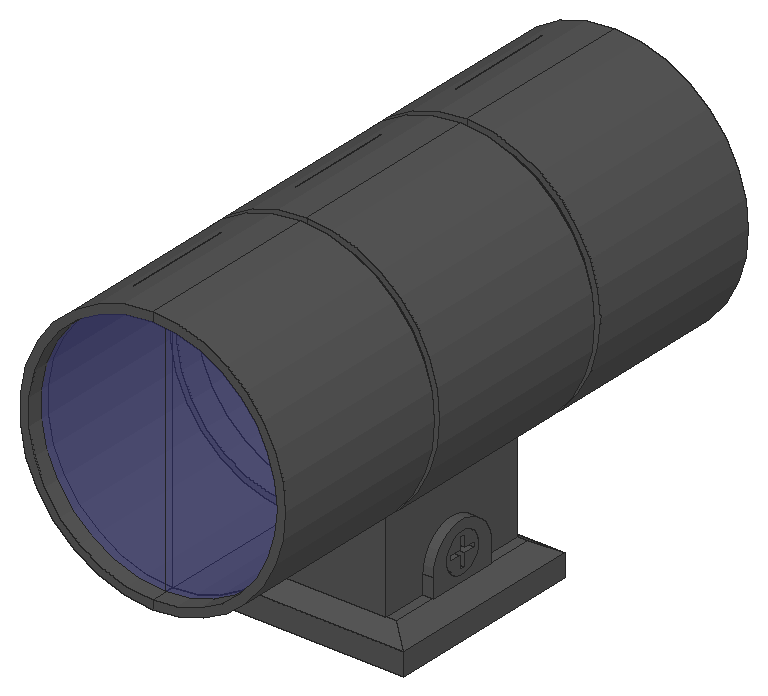
Revit family "CARLO CYLINDER LIGHT WALL MOUNT", category Lighting Fixtures, host Face, Revit 2020 (continued)
Types (10): name | Wattage_Input | Wattage Comments | Wattage | Photometric Web File | built-in parameter 1150142 | Model | built-in parameter 1150105 | Lumens | Light Length 1 | LIGHT RADIUS | LIGHT PLACEMENT | LIGHT LENGTH | LIGHT DIA | built-in parameter 1150106 | FIXED END HEIGHT | Curve base Height | Base Curve | BEAMING ANGLE | Apparent Load
    1.1 2420.2 2419.7 2419.6 2419.8 \r\n 2421.2 \r\n2410.7 2419.6 2418.9 2419 2419.5 2420 2420.2 2419.3 2418 2416.5 \r\n 2414.5 2412 2408.5 2404.1 2397.4 2387.1 2373.4 2356.2 2335.5 2311.4 \r\n 2283.5 2251.7 2216.5 2178.4 2137.2 2092.2 2045.3 1998.8 1951.7 1903.4 \r\n 1854.7 1806.7 1758 1706.8 1654.9 1604.2 1552.8 1499.3 1444.4 1388.2 \r\n 1331.2 1273.8 1216 1157.8 1099.7 1042.1 985.72 931.61 879.58 829.67 \r\n 782.37 737.9 697.18 661.34 629.91 602.72 579.87 561.91 547.33 534.81 \r\n 524.43 515.95 508.95 502.95 497.8 493.23 489.16 485.45 481.99 478.63 \r\n 475.39 472.29 469.23 466.36 463 458.09 452.8 448.65 443.46 435.98 \r\n 424.95 408.22 387.25 362.29 334.84 306.53 277.24 247.23 216.91 186.38 \r\n 156.77 129.28 103.9 80.46 60.678 46.652 37.103 32.261 29.687 26.701 \r\n 24.248 22.434 21.085 20.135 19.357 18.444 17.57 16.826 16.146 15.494 \r\n 14.872 14.272 13.693 13.123 12.581 12.093 11.623 11.134 10.652 10.2 \r\n 9.7564 9.2995 8.8499 8.4266 8.0122 7.5864 7.1754 6.8129 6.4559 6.0562 \r\n 5.6646 5.3305 5.0098 4.6622 4.3253 4.0325 3.7556 3.4718 3.198 2.946 \r\n 2.709 2.4829 2.2712 2.0755 1.8972 1.7399 1.5989 1.4673 1.3548 1.272 \r\n 1.209 1.1563 1.1229 1.1143 1.1313 1.1798 1.2502 1.3408 1.4336 1.5123 \r\n 1.5712 1.6002 1.6043 1.5845 1.5432 1.4839 1.4041 1.2996 1.1787 1.0486 \r\n 0.90848 0.75413 0.60348 0.47632 0.36284 0.25923 0.16723 0.082339 0.019463 0.00049567 \r\n 0.00015146 0.010238 0.039587 0.10576 0.19383 0.29692 0.40848 0.51176 0.63049 0.79847 \r\n 0.96872 1.0943 1.209 1.3435 1.4605 1.5217 1.56 1.6052 1.6281 1.601 \r\n 1.5485 1.4879 1.4124 1.3159 1.2257 1.1698 1.1396 1.137 1.1593 1.2072 \r\n 1.2718 1.3392 1.4251 1.5451 1.6853 1.8351 2.0001 2.182 2.3807 2.5991 \r\n 2.8309 3.0677 3.319 3.5964 3.8848 4.1644 4.4605 4.8053 5.1589 5.4759 \r\n 5.806 6.2018 6.6082 6.971 7.34 7.7582 8.1917 8.6141 9.0459 9.507 \r\n 9.9735 10.418 10.871 11.362 11.86 12.33 12.818 13.368 13.948 14.535 \r\n 15.141 15.765 16.42 17.108 17.86 18.729 19.641 20.422 21.431 22.98 \r\n 25.042 27.714 30.935 33.588 38.936 50.276 66.378 87.849 112.48 137.92 \r\n 165.17 194.88 225.65 256.46 286.74 315.57 343.07 369.6 393.49 413.17 \r\n 428.68 438.87 445.8 450.82 454.97 460.2 465.06 468.4 471.24 474.27 \r\n 477.35 480.57 483.94 487.46 491.25 495.4 500.08 505.4 511.64 519.01 \r\n 527.91 538.67 551.65 566.88 585.73 609.85 638.45 671.2 708.27 750.07 \r\n 795.45 843.45 893.95 946.62 1001.2 1057.7 1115.3 1173.5 1231.8 1289.5 \r\n 1346.8 1403.6 1459.5 1514.3 1567.7 1618.9 1669.4 1720.9 1771.8 1820.5 \r\n 1868.5 1916.6 1964.5 2011.8 2058.5 2104.9 2149.4 2190 2227.5 2262.2 \r\n 2293.6 2320.9 2344.4 2364.1 2380.2 2392.8 2402.2 2408.1 2412 2415.2 \r\n 2417.4 2418.9 2419.9 2420.9 2421.4 2421 2420.3 2419.7 2419.5 2420 \r\n 2421.2 \r\n2410.7 2420 2419.3 2419.6 2420.2 2420.7 2421 2420.3 2419.2 2417.9 \r\n 2416.2 2413.7 2410.4 2406.3 2400.1 2390.3 2377.3 2360.9 2340.9 2317.2 \r\n 2289.8 2258.2 2223.2 2185.5 2144.8 2100.2 2053.6 2007 1959.7 1911.4 \r\n 1862.8 1814.9 1766.2 1715.1 1663.4 1612.9 1561.8 1508.3 1453.5 1397.3 \r\n 1340.3 1282.9 1225.1 1166.8 1108.7 1051.2 994.81 940.4 887.99 837.77 \r\n 790.12 745.11 703.75 667.25 635.08 607.01 583.34 564.85 549.9 537.08 \r\n 526.46 517.78 510.6 504.46 499.22 494.58 490.47 486.72 483.23 479.86 \r\n 476.62 473.55 470.52 467.66 464.29 459.37 454.06 449.89 444.78 437.61 \r\n 427.08 411.08 390.85 366.38 339.32 311.41 282.37 252.26 221.7 190.94 \r\n 161.11 133.49 107.88 83.938 63.42 48.21 37.609 32.535 30.018 27.071 \r\n 24.657 22.771 21.334 20.357 19.571 18.655 17.779 17.025 16.334 15.675 \r\n 15.049 14.452 13.875 13.302 12.755 12.267 11.797 11.305 10.82 10.367 \r\n 9.922 9.4586 9.0013 8.5718 8.1515 7.7197 7.3036 6.9389 6.5792 6.1707 \r\n 5.7714 5.4398 5.1216 4.7668 4.4216 4.1269 3.8486 3.5593 3.2805 3.0288 \r\n 2.792 2.5612 2.344 2.1455 1.9641 1.8006 1.6521 1.5123 1.393 1.3094 \r\n 1.2453 1.185 1.1421 1.1259 1.1351 1.1734 1.2361 1.3279 1.4239 1.5 \r\n 1.5592 1.6034 1.6217 1.596 1.5492 1.5072 1.4433 1.3276 1.1949 1.0795 \r\n 0.9533 0.78493 0.61873 0.49891 0.39444 0.28421 0.18265 0.093692 0.027743 0.0041897 \r\n 0 0.0041897 0.027743 0.093692 0.18265 0.28421 0.39444 0.49891 0.61873 0.78493 \r\n 0.9533 1.0795 1.1949 1.3276 1.4433 1.5072 1.5492 1.596 1.6217 1.6034 \r\n 1.5592 1.5 1.4239 1.3279 1.2361 1.1734 1.1351 1.1259 1.1421 1.185 \r\n 1.2453 1.3094 1.393 1.5123 1.6521 1.8006 1.9641 2.1455 2.344 2.5612 \r\n 2.792 3.0288 3.2805 3.5593 3.8486 4.1269 4.4216 4.7668 5.1216 5.4398 \r\n 5.7714 6.1707 6.5792 6.9389 7.3036 7.7197 8.1515 8.5718 9.0013 9.4586 \r\n 9.922 10.367 10.82 11.305 11.797 12.267 12.755 13.302 13.875 14.452 \r\n 15.049 15.675 16.334 17.025 17.779 18.655 19.571 20.357 21.334 22.771 \r\n 24.657 27.071 30.018 32.535 37.609 48.21 63.42 83.938 107.88 133.49 \r\n 161.11 190.94 221.7 252.26 282.37 311.41 339.32 366.38 390.85 411.08 \r\n 427.08 437.61 444.78 449.89 454.06 459.37 464.29 467.66 470.52 473.55 \r\n 476.62 479.86 483.23 486.72 490.47 494.58 499.22 504.46 510.6 517.78 \r\n 526.46 537.08 549.9 564.85 583.34 607.01 635.08 667.25 703.75 745.11 \r\n 790.12 837.77 887.99 940.4 994.81 1051.2 1108.7 1166.8 1225.1 1282.9 \r\n 1340.3 1397.3 1453.5 1508.3 1561.8 1612.9 1663.4 1715.1 1766.2 1814.9 \r\n 1862.8 1911.4 1959.7 2007 2053.6 2100.2 2144.8 2185.5 2223.2 2258.2 \r\n 2289.8 2317.2 2340.9 2360.9 2377.3 2390.3 2400.1 2406.3 2410.4 2413.7 \r\n 2416.2 2417.9 2419.2 2420.3 2421 2420.7 2420.2 2419.6 2419.3 2420 \r\n 2421.2 \r\n2410.7 2420 2419.5 2419.7 2420.3 2421 2421.4 2420.9 2419.9 2418.9 \r\n 2417.4 2415.2 2412 2408.1 2402.2 2392.8 2380.2 2364.1 2344.4 2320.9 \r\n 2293.6 2262.2 2227.5 2190 2149.4 2104.9 2058.5 2011.8 1964.5 1916.6 \r\n 1868.5 1820.5 1771.8 1720.9 1669.4 1618.9 1567.7 1514.3 1459.5 1403.6 \r\n 1346.8 1289.5 1231.8 1173.5 1115.2 1057.7 1001.2 946.62 893.95 843.45 \r\n 795.45 750.07 708.27 671.2 638.45 609.85 585.73 566.88 551.65 538.67 \r\n 527.91 519.01 511.64 505.4 500.08 495.4 491.25 487.46 483.94 480.57 \r\n 477.35 474.27 471.24 468.4 465.06 460.2 454.97 450.82 445.8 438.87 \r\n 428.68 413.17 393.49 369.6 343.07 315.57 286.74 256.46 225.65 194.88 \r\n 165.17 137.92 112.48 87.849 66.378 50.276 38.936 33.588 30.935 27.714 \r\n 25.043 22.98 21.431 20.422 19.641 18.729 17.86 17.108 16.42 15.765 \r\n 15.141 14.535 13.948 13.368 12.818 12.33 11.86 11.362 10.871 10.418 \r\n 9.9735 9.507 9.0459 8.6141 8.1917 7.7582 7.34 6.971 6.6082 6.2018 \r\n 5.806 5.4759 5.1589 4.8053 4.4605 4.1644 3.8848 3.5964 3.319 3.0677 \r\n 2.8309 2.5991 2.3807 2.182 2.0001 1.8351 1.6853 1.5451 1.4251 1.3392 \r\n 1.2718 1.2072 1.1593 1.137 1.1396 1.1698 1.2257 1.3159 1.4124 1.4879 \r\n 1.5485 1.601 1.6281 1.6052 1.56 1.5217 1.4605 1.3435 1.209 1.0943 \r\n 0.96872 0.79847 0.63049 0.51176 0.40848 0.29692 0.19383 0.10576 0.039587 0.010238 \r\n 0.00015146 0.00049567 0.019463 0.082339 0.16723 0.25923 0.36284 0.47632 0.60348 0.75413 \r\n 0.90848 1.0486 1.1787 1.2996 1.4041 1.4839 1.5432 1.5845 1.6043 1.6002 \r\n 1.5712 1.5123 1.4336 1.3408 1.2502 1.1798 1.1313 1.1143 1.1229 1.1563 \r\n 1.209 1.272 1.3548 1.4673 1.5989 1.7399 1.8972 2.0755 2.2712 2.4829 \r\n 2.709 2.946 3.198 3.4718 3.7556 4.0325 4.3253 4.6622 5.0098 5.3305 \r\n 5.6646 6.0562 6.4559 6.8129 7.1754 7.5864 8.0122 8.4266 8.8499 9.2995 \r\n 9.7564 10.2 10.652 11.134 11.623 12.093 12.581 13.123 13.693 14.272 \r\n 14.872 15.494 16.146 16.826 17.57 18.444 19.357 20.135 21.085 22.434 \r\n 24.248 26.701 29.687 32.261 37.103 46.652 60.678 80.46 103.9 129.28 \r\n 156.77 186.38 216.91 247.23 277.24 306.53 334.84 362.29 387.25 408.22 \r\n 424.95 435.98 443.46 448.65 452.8 458.09 463 466.36 469.23 472.29 \r\n 475.39 478.63 481.99 485.45 489.16 493.23 497.8 502.95 508.95 515.95 \r\n 524.42 534.81 547.33 561.91 579.87 602.72 629.91 661.34 697.18 737.9 \r\n 782.37 829.67 879.58 931.61 985.72 1042.1 1099.7 1157.8 1216 1273.8 \r\n 1331.2 1388.2 1444.4 1499.3 1552.8 1604.2 1654.9 1706.8 1758 1806.7 \r\n 1854.7 1903.4 1951.7 1998.8 2045.3 2092.2 2137.2 2178.4 2216.5 2251.7 \r\n 2283.5 2311.4 2335.5 2356.2 2373.4 2387.1 2397.4 2404.1 2408.5 2412 \r\n 2414.5 2416.5 2418 2419.3 2420.2 2420 2419.5 2419 2418.9 2419.6 \r\n 2421.2 \r\n2410.7 2419.8 2419.6 2419.7 2420.2 2421.1 2421.8 2421.4 2420.5 2419.8 \r\n 2418.5 2416.5 2413.5 2409.8 2404.1 2395 2382.6 2366.7 2347.2 2323.8 \r\n 2296.6 2265.5 2230.9 2193.5 2153 2108.6 2062.2 2015.5 1968.3 1920.9 \r\n 1873.2 1825.3 1776.5 1725.9 1674.6 1624 1572.6 1519.3 1464.6 1408.9 \r\n 1352.3 1295.2 1237.6 1179.2 1120.9 1063.2 1006.7 951.92 899.02 848.24 \r\n 799.93 754.23 712.06 674.5 641.25 612.26 587.79 568.64 553.17 540.05 \r\n 529.18 520.08 512.5 506.16 500.79 496.06 491.87 488.04 484.51 481.14 \r\n 477.92 474.83 471.8 468.97 465.67 460.89 455.75 451.65 446.71 439.98 \r\n 430.09 414.98 395.78 372.45 346.45 319.33 290.69 260.22 229.19 198.48 \r\n 168.95 142.13 116.88 91.593 69.207 52.342 40.38 34.759 31.925 28.379 \r\n 25.4 23.147 21.483 20.443 19.671 18.763 17.904 17.158 16.473 15.825 \r\n 15.204 14.588 13.988 13.403 12.851 12.362 11.891 11.387 10.89 10.437 \r\n 9.9931 9.5246 9.0612 8.6279 8.2046 7.7707 7.3516 6.9781 6.6123 6.2105 \r\n 5.8205 5.4918 5.1756 4.8252 4.483 4.1857 3.9048 3.6189 3.3443 3.0937 \r\n 2.8568 2.6249 2.4064 2.208 2.0265 1.8612 1.7112 1.5723 1.453 1.3647 \r\n 1.2937 1.226 1.1744 1.1473 1.1443 1.1674 1.2173 1.3053 1.4013 1.4765 \r\n 1.5385 1.5974 1.6315 1.6129 1.5703 1.5327 1.4714 1.3547 1.22 1.1037 \r\n 0.9768 0.80693 0.63976 0.52136 0.41816 0.30604 0.20274 0.11694 0.051659 0.016564 \r\n 0.00031325 0 0.012331 0.071025 0.15043 0.23195 0.32841 0.45135 0.58603 0.71917 \r\n 0.85787 1.0134 1.1599 1.268 1.3604 1.4583 1.5373 1.5726 1.5855 1.5963 \r\n 1.5836 1.5251 1.444 1.3554 1.2671 1.189 1.1298 1.1044 1.1046 1.1277 \r\n 1.1718 1.2339 1.3158 1.4203 1.542 1.6744 1.8243 1.9984 2.1905 2.3957 \r\n 2.6162 2.853 3.1047 3.3718 3.6487 3.9242 4.2148 4.5412 4.8793 5.2026 \r\n 5.5391 5.9204 6.3086 6.6629 7.0239 7.4287 7.8471 8.2553 8.6719 9.1129 \r\n 9.5624 10.004 10.455 10.934 11.421 11.892 12.379 12.915 13.481 14.065 \r\n 14.669 15.285 15.927 16.593 17.324 18.192 19.098 19.864 20.786 22.054 \r\n 23.811 26.347 29.417 32.088 36.706 45.128 57.883 76.915 99.845 124.93 \r\n 152.21 181.49 211.72 241.82 271.76 301.32 330.03 357.83 383.26 405.03 \r\n 422.57 434.17 442.03 447.31 451.43 456.68 461.54 464.91 467.79 470.89 \r\n 474.03 477.27 480.61 484.04 487.72 491.75 496.25 501.28 507.14 513.97 \r\n 522.23 532.36 544.55 558.71 576.1 598.03 624.23 654.86 689.95 729.96 \r\n 773.82 820.73 870.34 921.94 975.74 1032.1 1089.8 1147.8 1205.9 1263.7 \r\n 1321.2 1378.2 1434.4 1489.3 1542.8 1594.5 1645.5 1697.6 1748.9 1797.7 \r\n 1845.7 1894.4 1942.6 1989.5 2035.9 2083 2128.5 2170.3 2208.9 2244.4 \r\n 2276.4 2304.8 2329.6 2351.1 2369.1 2383.5 2394.5 2401.7 2406.5 2410.1 \r\n 2412.7 2414.9 2416.6 2418.2 2419.3 2419.2 2418.7 2418.4 2418.4 2419.2 \r\n 2421.2 \r\n2410.7 2419.7 2419.6 2419.7 2420.1 2421.2 2422.1 2421.8 2421 2420.5 \r\n 2419.5 2417.7 2414.9 2411.4 2405.8 2396.9 2384.8 2369 2349.5 2326.1 \r\n 2299 2268 2233.6 2196.3 2155.9 2111.5 2065.2 2018.5 1971.4 1924.6 \r\n 1877.4 1829.5 1780.7 1730.2 1679.1 1628.3 1576.8 1523.4 1468.9 1413.5 \r\n 1357.2 1300.3 1242.7 1184.3 1125.8 1068.1 1011.4 956.5 903.4 852.34 \r\n 803.72 757.76 715.29 677.3 643.62 614.33 589.62 570.2 554.52 541.29 \r\n 530.32 521.02 513.26 506.82 501.39 496.61 492.39 488.52 484.96 481.6 \r\n 478.39 475.29 472.24 469.43 466.17 461.48 456.44 452.39 447.53 440.99 \r\n 431.36 416.58 397.79 374.99 349.48 322.7 294.22 263.58 232.36 201.75 \r\n 172.44 146.02 120.95 95.047 71.828 54.328 41.851 35.963 32.923 29.032 \r\n 25.729 23.283 21.507 20.436 19.674 18.774 17.925 17.183 16.503 15.863 \r\n 15.246 14.619 14.006 13.416 12.861 12.372 11.9 11.389 10.887 10.434 \r\n 9.9905 9.5209 9.0563 8.6227 8.1993 7.7661 7.3468 6.9691 6.6007 6.2046 \r\n 5.8215 5.4939 5.1782 4.8319 4.4935 4.1953 3.9135 3.6306 3.3594 3.1096 \r\n 2.8728 2.6411 2.423 2.2253 2.0446 1.8796 1.7301 1.5935 1.4755 1.3848 \r\n 1.3104 1.2403 1.1862 1.1555 1.1481 1.1656 1.2104 1.2958 1.3908 1.4659 \r\n 1.5293 1.5928 1.6323 1.6184 1.579 1.5404 1.4772 1.3616 1.2277 1.109 \r\n 0.97982 0.81156 0.64653 0.5282 0.4246 0.31218 0.20924 0.12663 0.063112 0.022685 \r\n 0.00046471 0 0.0064201 0.060055 0.13299 0.20425 0.2938 0.42537 0.56668 0.68221 \r\n 0.80531 0.97582 1.1386 1.2344 1.3154 1.432 1.531 1.5609 1.5675 1.5928 \r\n 1.596 1.5382 1.4554 1.3722 1.2871 1.2015 1.1316 1.0976 1.089 1.1013 \r\n 1.1366 1.1973 1.278 1.3739 1.4853 1.6085 1.7503 1.9195 2.107 2.3051 \r\n 2.5195 2.7555 3.0061 3.2656 3.5347 3.8088 4.097 4.4114 4.7385 5.0642 \r\n 5.4028 5.772 6.1472 6.499 6.8589 7.2567 7.6671 8.0691 8.4793 8.9114 \r\n 9.353 9.7916 10.241 10.718 11.203 11.674 12.16 12.691 13.251 13.84 \r\n 14.448 15.057 15.688 16.339 17.054 17.912 18.805 19.557 20.452 21.64 \r\n 23.346 25.971 29.133 31.918 36.319 43.587 55.034 73.278 95.659 120.43 \r\n 147.47 176.33 206.19 236.1 266.04 295.87 324.96 353.08 378.96 401.54 \r\n 419.94 432.2 440.52 445.91 449.98 455.18 459.98 463.35 466.26 469.41 \r\n 472.59 475.82 479.15 482.56 486.2 490.18 494.61 499.53 505.24 511.9 \r\n 519.95 529.79 541.62 555.35 572.14 593.1 618.25 648 682.29 721.52 \r\n 764.73 811.22 860.48 911.65 965.1 1021.5 1079.2 1137.1 1195.2 1253.1 \r\n 1310.6 1367.5 1423.7 1478.5 1532.2 1584.2 1635.6 1687.7 1739 1787.9 \r\n 1835.9 1884.6 1932.7 1979.4 2025.6 2073.1 2119.1 2161.4 2200.6 2236.4 \r\n 2268.8 2297.7 2323.2 2345.6 2364.6 2379.8 2391.5 2399.2 2404.4 2408.2 \r\n 2410.9 2413.3 2415.2 2417.1 2418.4 2418.3 2417.9 2417.7 2417.9 2418.8 \r\n 2421.2 \r\n2410.7 2419.4 2419.5 2419.6 2420 2421.2 2422.2 2422 2421.4 2421.1 \r\n 2420.4 2418.8 2416.2 2412.8 2407.4 2398.6 2386.7 2371 2351.5 2328.1 \r\n 2301 2270.2 2235.9 2198.7 2158.2 2114 2067.7 2021.1 1974.1 1927.8 \r\n 1881.1 1833.3 1784.5 1734.2 1683.2 1632.2 1580.4 1527.1 1472.8 1417.6 \r\n 1361.5 1304.8 1247.3 1188.9 1130.3 1072.4 1015.7 960.57 907.27 855.93 \r\n 807.02 760.82 718.1 679.75 645.7 616.19 591.29 571.66 555.78 542.45 \r\n 531.38 521.89 513.95 507.42 501.93 497.1 492.84 488.94 485.36 482 \r\n 478.8 475.68 472.62 469.82 466.59 461.99 457.05 453.06 448.3 441.95 \r\n 432.57 418.07 399.61 377.27 352.2 325.69 297.35 266.58 235.21 204.72 \r\n 175.61 149.5 124.53 98.087 74.162 56.149 43.259 37.12 33.865 29.642 \r\n 26.029 23.4 21.519 20.419 19.667 18.774 17.935 17.196 16.518 15.885 \r\n 15.273 14.636 14.012 13.417 12.86 12.369 11.895 11.38 10.873 10.419 \r\n 9.9754 9.5053 9.0404 8.6074 8.1848 7.753 7.3341 6.9529 6.5821 6.1919 \r\n 5.8154 5.4886 5.1731 4.831 4.4965 4.1978 3.9151 3.6352 3.3673 3.1183 \r\n 2.8816 2.6502 2.4324 2.2355 2.0556 1.891 1.7422 1.6079 1.4915 1.3985 \r\n 1.3209 1.2492 1.1935 1.1605 1.1502 1.1635 1.2043 1.2874 1.3812 1.4563 \r\n 1.5211 1.5877 1.631 1.6215 1.5851 1.5448 1.4793 1.3647 1.2317 1.111 \r\n 0.98009 0.8136 0.65083 0.53278 0.42893 0.31596 0.21322 0.13421 0.073098 0.028121 \r\n 0.00058519 0 0.0018018 0.049735 0.11569 0.17804 0.26165 0.39976 0.54572 0.64543 \r\n 0.75465 0.93799 1.1149 1.2004 1.2724 1.4062 1.5239 1.5503 1.5522 1.5907 \r\n 1.6081 1.5516 1.4683 1.3914 1.3104 1.2181 1.138 1.0953 1.0777 1.0796 \r\n 1.1061 1.1649 1.2438 1.3311 1.4323 1.5465 1.6803 1.8437 2.026 2.2169 \r\n 2.4249 2.6592 2.9077 3.1593 3.4203 3.693 3.9788 4.2805 4.5958 4.9233 \r\n 5.2634 5.6199 5.9814 6.3311 6.6901 7.0805 7.4826 7.8793 8.2841 8.7075 \r\n 9.1411 9.5768 10.025 10.498 10.981 11.452 11.939 12.462 13.016 13.609 \r\n 14.219 14.821 15.439 16.075 16.773 17.615 18.49 19.226 20.093 21.203 \r\n 22.852 25.535 28.758 31.651 35.841 41.978 52.127 69.525 91.298 115.78 \r\n 142.58 170.94 200.36 230.15 260.15 290.24 319.7 348.11 374.41 397.8 \r\n 417.08 430.08 438.95 444.48 448.51 453.63 458.35 461.74 464.71 467.91 \r\n 471.12 474.36 477.67 481.06 484.67 488.6 492.96 497.76 503.32 509.82 \r\n 517.64 527.19 538.63 551.94 568.12 588.1 612.17 640.99 674.42 712.84 \r\n 755.33 801.36 850.25 900.97 954.09 1010.4 1068.2 1126 1184 1241.9 \r\n 1299.5 1356.5 1412.5 1467.4 1521.2 1573.5 1625.2 1677.3 1728.6 1777.6 \r\n 1825.7 1874.3 1922.2 1968.7 2014.8 2062.6 2109 2152 2191.8 2228 \r\n 2260.8 2290.3 2316.7 2340 2359.9 2376 2388.4 2396.8 2402.5 2406.4 \r\n 2409.2 2411.7 2413.8 2415.9 2417.4 2417.5 2417.2 2417.1 2417.4 2418.4 \r\n 2421.2 \r\n2410.7 2419.2 2419.4 2419.6 2419.9 2421.1 2422.2 2422.2 2421.9 2421.7 \r\n 2421.2 2419.9 2417.6 2414.3 2408.9 2400.4 2388.6 2373.1 2353.9 2330.6 \r\n 2303.5 2272.8 2238.7 2201.6 2161.4 2117.3 2071.2 2024.8 1978.1 1932.1 \r\n 1885.8 1838.2 1789.6 1739.2 1688 1636.9 1585 1531.8 1
